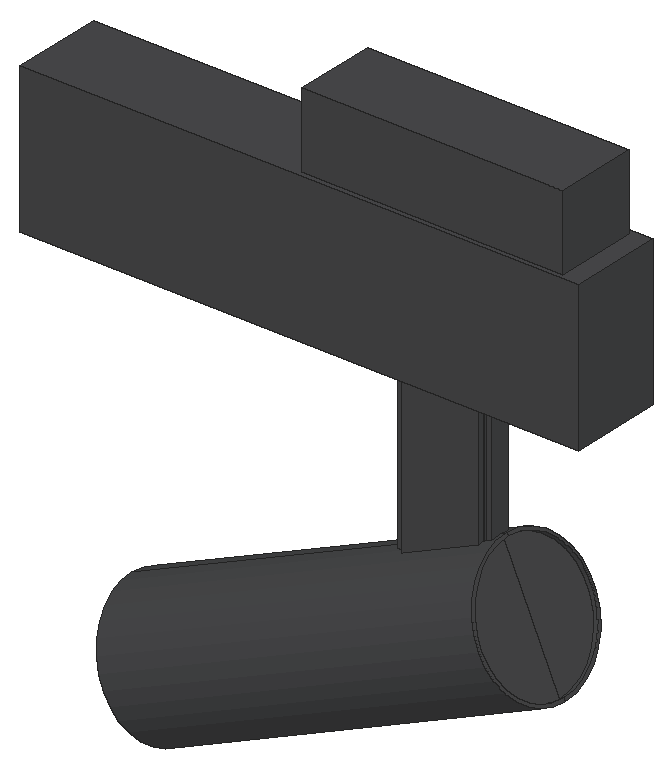
Revit family "DTM15N.1.36", category Luminarias, Revit 2019
Family settings
  Cota de conector redondo = Diámetro de uso
  Tipo de pieza = Normal
  Se basa en plano de trabajo = Sí
  Siempre vertical = Sí
  Corte con vacíos al cargar = No
  Origen de luz = Sí
  Compartido = No
  Punto de cálculo de habitación = No
Parameters (values of type "SPOT RIEL_DTM15N.1.36")
  Ángulo de inclinación = 60.00°
  Zone [instance] = ""
  Watt per fixture = 13.8
  Wattage = 13.8 W
  built-in parameter 1150107 = 4000 (stored number, unit not read)
  built-in parameter 1150110 = 1 (stored number, unit not read)
  built-in parameter 1150109 = 1 (stored number, unit not read)
  built-in parameter 1150112 = 1 (stored number, unit not read)
  built-in parameter 1150113 = 1 (stored number, unit not read)
  built-in parameter 1114218 = 1 (stored number, unit not read)
  Keynote = ""
  built-in parameter 1150137 = (empty or 0)
  built-in parameter 1150132 = (empty or 0)
  Modelo = "DTM15N.1.36"
  Lámpara = "CITIZEN"
  built-in parameter 1150105 = 81.265 (stored number, unit not read)
  built-in parameter 1150102 = (empty or 0)
  built-in parameter 1150106 = 0.81265 (stored number, unit not read)
  Lumens = 1021.2 lm
  Color Filter = 16777215
  built-in parameter 1114217 = 1 (stored number, unit not read)
  built-in parameter 1150139 = (empty or 0)
  Fabricante = "BRILLANT"
  Default Elevation = 1219.2 mm
  built-in parameter 1150104 = 6.8748 (stored number, unit not read)
  Descripción = "LUMINARIA DIRIGIBLE TIPO PUNTUAL DE UN CABEZAL COMPATIBLE CON RIEL DE 6 ENTRADAS Y 3 CIRCUITOS, CUERPO DE ALUMINIO ACABADO EN COLOR NEGRO, IP 20, PESO 0.84Kg, TIPO DE LED CITIZEN CON 13.8W TOTAL, 1024 LUMENES, 74LM/W, IRC 90, TEMPERATURA EN BLANCO FRIO 4000K, 50 MIL HORAS DE VIDA PROMEDIO, APERTURA DE 36 GRADOS POR PROYECTO, ALIMENTADO A 90-277V/50-60Hz"
  built-in parameter 1150115 = 1 (stored number, unit not read)
  built-in parameter 1150114 = 1 (stored number, unit not read)
  Comentarios de vataje = "90-277V"
  built-in parameter 1150138 = (empty or 0)
  built-in parameter 1150134 = 12
  Circuit [instance] = ""
  Dimming Lamp Color Temperature Shift = (empty or 0)
  Archivo de red fotométrica = "TL36-15W-830-B-36_IESNA95.IES"
  built-in parameter 1150133 = 10 (stored number, unit not read)
Types (3, lengths in mm): name | built-in parameter 1150107 | Modelo | Descripción | built-in parameter 1150134 | Archivo de red fotométrica
  SPOT RIEL_DTM15U.1.24 | 2700 (stored number, unit not read) | "DTM15U.1.24" | "LUMINARIA DIRIGIBLE TIPO PUNTUAL DE UN CABEZAL COMPATIBLE CON RIEL DE 6 ENTRADAS Y 3 CIRCUITOS, CUERPO DE ALUMINIO ACABADO EN COLOR NEGRO, IP 20, PESO 0.84Kg, TIPO DE LED CITIZEN CON 13.8W TOTAL, 1024 LUMENES, 74LM/W, IRC 90, TEMPERATURA EN BLANCO CALIDO 2700K, 50 MIL HORAS DE VIDA PROMEDIO, APERTURA DE 24 GRADOS EN STOCK, ALIMENTADO A 90-277V/50-60Hz" | (empty or 0) | "generic"
  SPOT RIEL_DTM15U.1.16 | 2700 (stored number, unit not read) | "DTM15U.1.16" | "LUMINARIA DIRIGIBLE TIPO PUNTUAL DE UN CABEZAL COMPATIBLE CON RIEL DE 6 ENTRADAS Y 3 CIRCUITOS, CUERPO DE ALUMINIO ACABADO EN COLOR NEGRO, IP 20, PESO 0.84Kg, TIPO DE LED CITIZEN CON 13.8W TOTAL, 1024 LUMENES, 74LM/W, IRC 90, TEMPERATURA EN BLANCO CALIDO 2700K, 50 MIL HORAS DE VIDA PROMEDIO, APERTURA DE 16 GRADOS POR PROYECTO, ALIMENTADO A 90-277V/50-60Hz" | (empty or 0) | "generic"
  SPOT RIEL_DTM15N.1.36 | 4000 (stored number, unit not read) | "DTM15N.1.36" | "LUMINARIA DIRIGIBLE TIPO PUNTUAL DE UN CABEZAL COMPATIBLE CON RIEL DE 6 ENTRADAS Y 3 CIRCUITOS, CUERPO DE ALUMINIO ACABADO EN COLOR NEGRO, IP 20, PESO 0.84Kg, TIPO DE LED CITIZEN CON 13.8W TOTAL, 1024 LUMENES, 74LM/W, IRC 90, TEMPERATURA EN BLANCO FRIO 4000K, 50 MIL HORAS DE VIDA PROMEDIO, APERTURA DE 36 GRADOS POR PROYECTO, ALIMENTADO A 90-277V/50-60Hz" | 12 | "TL36-15W-830-B-36_IESNA95.IES"
Reference planes
  plane 1 "Centro (Frontal/Posterior)": y = 0
  plane 2: z = 0
  plane 3 "Centro (Izquierda/Derecha)": x = 0
Forms (mm)
  Extrusion 1, solid, material "Default Form"
    sketch origin (0, 0, 0) x (1, 0, 0) y (0, 0, 1)
      loop
        line (-120.5, 0) -> (-120.5, -64) -> (120.5, -64) -> (120.5, 0) -> (-120.5, 0)
    from -20 to 20
  Extrusion 2, solid
    sketch origin (0, 0, 0) x (0, 1, 0) y (0, 0, 1)
      loop
        line (-7.273, 1.74) -> (7.273, 1.74) -> (7.273, 0) -> (15.231, 0) -> (17.006, 4.494) -> (15.021, 4.494) -> (14.058, 5.868) -> (14.058, 7.166) -> (6.473, 7.166) -> (6.473, 9.324) -> (10.169, 10.163) -> (10.169, 12.464) -> (6.473, 13.302) -> (6.473, 16.66) -> (10.169, 17.499) -> (10.169, 19.8) -> (6.473, 20.638) -> (6.473, 25.016) -> (13.839, 25.016) -> (14.514, 24.341) -> (15.775, 24.341) -> (15.775, 27.171) -> (14.73, 27.171) -> (14.058, 26.499) -> (6.473, 26.499) -> (6.473, 27.299) -> (12.377, 27.299) -> (12.377, 31.471) -> (-2.744, 31.471) -> (-2.744, 30.671) -> (-5.514, 30.671) -> (-5.514, 31.471) -> (-12.377, 31.471) -> (-12.377, 27.299) -> (-6.473, 27.299) -> (-6.473, 26.499) -> (-14.058, 26.499) -> (-14.73, 27.171) -> (-15.775, 27.171) -> (-15.775, 24.341) -> (-14.514, 24.341) -> (-13.839, 25.016) -> (-6.473, 25.016) -> (-6.473, 20.638) -> (-10.169, 19.8) -> (-10.169, 17.499) -> (-6.473, 16.66) -> (-6.473, 13.302) -> (-10.169, 12.464) -> (-10.169, 10.163) -> (-6.473, 9.324) -> (-6.473, 7.166) -> (-14.058, 7.166) -> (-14.058, 5.868) -> (-15.021, 4.494) -> (-17.006, 4.494) -> (-15.231, 0) -> (-7.273, 0) -> (-7.273, 1.74)
    from 0 to 111.256
  Revolve 3, solid, material "Default Form"
    sketch origin (-53.809, 0, -47.247) x (0.913545, 0, 0.406737) y (-0.406737, 0, 0.913545)
      loop
        line (-90.696, -178.651) -> (-90.696, -181.199) -> (86.304, -181.199) -> (86.304, -179.827) -> (84.235, -179.827) -> (84.235, -150.199) -> (-76.941, -150.199) -> (-76.941, -178.651) -> (-90.696, -178.651)
      axis (86.304, -150.199) -> (-90.696, -150.199)
    angle from 0 to 360
  Extrusion 4, solid, material "Default Form"
    sketch origin (-2.5, 0, 0) x (1, 0, 0) y (0, 1, 0)
      loop
        line (36.186, 6.873) -> (36.186, 4.211) -> (35.401, 4.211) -> (35.401, 2.934) -> (34.55, 2.934) -> (34.55, 4.211) -> (32.462, 4.211) -> (32.462, -4.55) -> (34.55, -4.55) -> (34.55, -3.273) -> (35.401, -3.273) -> (35.401, -4.55) -> (36.186, -4.55) -> (36.186, -6.873) -> (69.522, -6.873) -> (69.522, -4.55) -> (70.306, -4.55) -> (70.306, -3.273) -> (71.158, -3.273) -> (71.158, -4.55) -> (73.245, -4.55) -> (73.245, 4.211) -> (71.158, 4.211) -> (71.158, 2.934) -> (70.306, 2.934) -> (70.306, 4.211) -> (69.522, 4.211) -> (69.522, 6.873) -> (36.186, 6.873)
    from -140.263 to -64
  Extrusion 5, solid, material "Default Form"
    sketch origin (0, 0, 0) x (1, 0, 0) y (0, 1, 0)
      loop
        line (111.256, 17.006) -> (0, 17.006) -> (0, -17.006) -> (111.256, -17.006) -> (111.256, 17.006)
      loop
        line (112.056, 17.806) -> (-0.8, 17.806) -> (-0.8, -17.806) -> (112.056, -17.806) -> (112.056, 17.806)
    from 0 to 31.471
  Extrusion 6, solid, material "Default Form"
    sketch origin (0, 0, 0) x (1, 0, 0) y (0, 1, 0)
      loop
        line (-0.8, 17.806) -> (-0.8, -17.806) -> (112.056, -17.806) -> (112.056, 17.806) -> (-0.8, 17.806)
    from 31.471 to 32.429
Cuts and joins
  joined: Extrusion 5, Extrusion 6
Dimensions and locks
  equal spacing: Extrusion 1, plane 1 "Centro (Frontal/Posterior)", Extrusion 1
  Extrusion 1 to plane 1 "Centro (Frontal/Posterior)" = 20 mm
  Extrusion 1 to Extrusion 1 = 40 mm
  Extrusion 1 to Extrusion 1 = 64 mm
  aligned and locked: level to plane 2
Automatic sketch dimensions
  Extrusion 1 sketch curve to level = 0 mm
  Extrusion 1 sketch curve to plane 3 "Centro (Izquierda/Derecha)" = 120.5 mm
  plane 3 "Centro (Izquierda/Derecha)" to Extrusion 1 sketch curve = 120.5 mm
  Extrusion 1 sketch curve to level = 64 mm
  Extrusion 2 sketch curve to Extrusion 2 sketch curve = 1.231 mm
  Extrusion 2 sketch curve to Extrusion 2 sketch curve = 1.775 mm
  Extrusion 2 sketch curve to Extrusion 2 sketch curve = 1.985 mm  (x2)
  Extrusion 2 sketch curve to Extrusion 2 sketch curve = 1.045 mm
  Extrusion 2 sketch curve to Extrusion 2 sketch curve = 1.261 mm  (x2)
  Extrusion 2 sketch curve to Extrusion 2 sketch curve = 0.963 mm  (x2)
  Extrusion 2 sketch curve to Extrusion 2 sketch curve = 0.672 mm  (x4)
  Extrusion 2 sketch curve to Extrusion 2 sketch curve = 0.675 mm  (x2)
  Extrusion 2 sketch curve to Extrusion 2 sketch curve = 1.682 mm
  Extrusion 2 sketch curve to Extrusion 2 sketch curve = 3.89 mm  (x2)
  Extrusion 2 sketch curve to Extrusion 2 sketch curve = 0 mm  (x4)
  Extrusion 2 sketch curve to Extrusion 2 sketch curve = 7.958 mm
  Extrusion 2 sketch curve to Extrusion 2 sketch curve = 5.904 mm  (x2)
  Extrusion 2 sketch curve to Extrusion 2 sketch curve = 3.696 mm  (x5)
  Extrusion 2 sketch curve to Extrusion 2 sketch curve = 0.959 mm
  Extrusion 2 sketch curve to Extrusion 2 sketch curve = 2.77 mm
  Extrusion 2 sketch curve to Extrusion 2 sketch curve = 12.946 mm
  level to Extrusion 2 sketch curve = 9.324 mm
  Extrusion 2 sketch curve to Extrusion 2 sketch curve = 0.8 mm  (x4)
  level to Extrusion 2 sketch curve = 10.163 mm
  Extrusion 2 sketch curve to Extrusion 2 sketch curve = 1.462 mm
  Extrusion 2 sketch curve to Extrusion 2 sketch curve = 0.22 mm
  level to Extrusion 2 sketch curve = 5.868 mm
  Extrusion 2 sketch curve to level = 0 mm  (x2)
  Extrusion 2 sketch curve to Extrusion 2 sketch curve = 0.21 mm
  level to Extrusion 2 sketch curve = 4.494 mm
  Extrusion 2 sketch curve to Extrusion 2 sketch curve = 4.494 mm
  Extrusion 2 sketch curve to Extrusion 2 sketch curve = 1.375 mm
  Extrusion 2 sketch curve to Extrusion 2 sketch curve = 1.298 mm  (x2)
  Extrusion 2 sketch curve to Extrusion 2 sketch curve = 2.158 mm
  Extrusion 2 sketch curve to Extrusion 2 sketch curve = 0.839 mm  (x7)
  Extrusion 2 sketch curve to Extrusion 2 sketch curve = 2.301 mm  (x4)
  Extrusion 2 sketch curve to Extrusion 2 sketch curve = 3.358 mm  (x2)
  Extrusion 2 sketch curve to Extrusion 2 sketch curve = 4.541 mm  (x2)
  Extrusion 2 sketch curve to Extrusion 2 sketch curve = 4.378 mm  (x2)
  Extrusion 2 sketch curve to Extrusion 2 sketch curve = 1.483 mm  (x2)
  Extrusion 2 sketch curve to Extrusion 2 sketch curve = 3.372 mm
  Extrusion 2 sketch curve to Extrusion 2 sketch curve = 4.172 mm
  Extrusion 2 sketch curve to Extrusion 2 sketch curve = 1.74 mm
  plane 1 "Centro (Frontal/Posterior)" to Extrusion 2 sketch curve = 17.006 mm
  Revolve 3 sketch curve to plane 3 "Centro (Izquierda/Derecha)" = 62.963 mm
  Revolve 3 sketch curve to level = 249.67 mm
  Revolve 3 sketch curve to Revolve 3 sketch curve = 13.755 mm
  Revolve 3 sketch curve to Revolve 3 sketch curve = 161.175 mm
  Revolve 3 sketch curve to Revolve 3 sketch curve = 2.069 mm
  Revolve 3 sketch curve to Revolve 3 sketch curve = 1.372 mm
  Revolve 3 sketch curve to Revolve 3 sketch curve = 2.548 mm
  Revolve 3 sketch curve to Revolve 3 sketch curve = 29.628 mm
  Revolve 3 sketch curve to Revolve 3 sketch curve = 23.825 mm
  Revolve 3 sketch curve to Revolve 3 sketch curve = 0 mm  (x2)
  Extrusion 5 sketch curve to plane 3 "Centro (Izquierda/Derecha)" = 0 mm
  plane 1 "Centro (Frontal/Posterior)" to Extrusion 5 sketch curve = 17.006 mm
  plane 3 "Centro (Izquierda/Derecha)" to Extrusion 5 sketch curve = 111.256 mm
  Extrusion 5 sketch curve to plane 1 "Centro (Frontal/Posterior)" = 17.006 mm
  Extrusion 5 sketch curve to Extrusion 5 sketch curve = 0.8 mm  (x3)
  Extrusion 5 sketch curve to plane 3 "Centro (Izquierda/Derecha)" = 0.8 mm
  Extrusion 6 sketch curve to plane 3 "Centro (Izquierda/Derecha)" = 0.8 mm
  plane 1 "Centro (Frontal/Posterior)" to Extrusion 6 sketch curve = 17.806 mm
  plane 3 "Centro (Izquierda/Derecha)" to Extrusion 6 sketch curve = 112.056 mm
  Extrusion 6 sketch curve to plane 1 "Centro (Frontal/Posterior)" = 17.806 mm
  plane 1 "Centro (Frontal/Posterior)" to Extrusion 4 sketch curve = 4.55 mm
  plane 3 "Centro (Izquierda/Derecha)" to Extrusion 4 sketch curve = 29.962 mm
  Extrusion 4 sketch curve to Extrusion 4 sketch curve = 2.088 mm  (x3)
  Extrusion 4 sketch curve to Extrusion 4 sketch curve = 0.851 mm  (x4)
  Extrusion 4 sketch curve to Extrusion 4 sketch curve = 0.785 mm  (x4)
  Extrusion 4 sketch curve to plane 1 "Centro (Frontal/Posterior)" = 4.211 mm
  Extrusion 4 sketch curve to Extrusion 4 sketch curve = 33.336 mm
  Extrusion 4 sketch curve to Extrusion 4 sketch curve = 0 mm  (x5)
  plane 1 "Centro (Frontal/Posterior)" to Extrusion 4 sketch curve = 6.873 mm
  Extrusion 4 sketch curve to Extrusion 4 sketch curve = 2.323 mm
  Extrusion 4 sketch curve to Extrusion 4 sketch curve = 1.277 mm  (x4)
  Extrusion 4 sketch curve to plane 1 "Centro (Frontal/Posterior)" = 2.934 mm
  Extrusion 4 sketch curve to Extrusion 4 sketch curve = 2.662 mm
